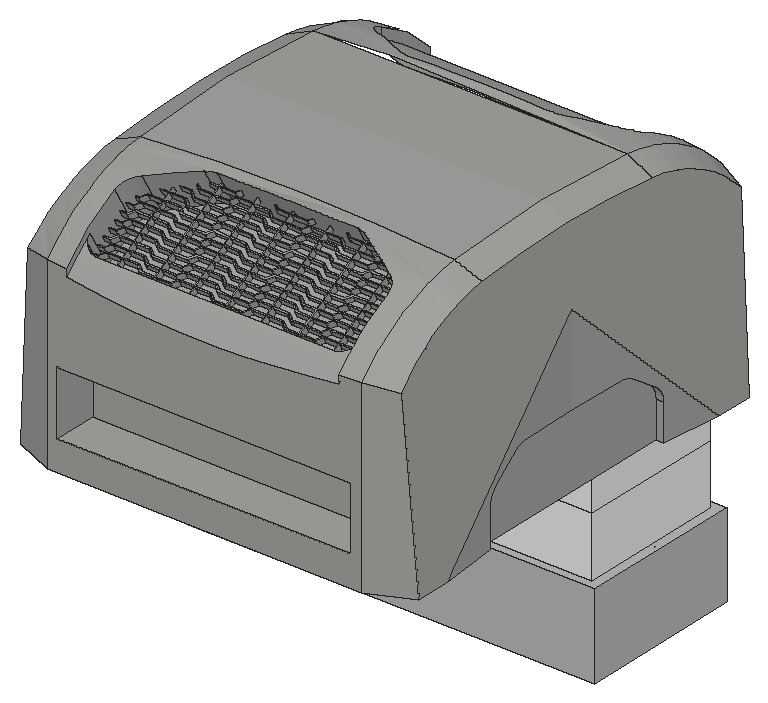
Revit family "OXeN X2-N-1.2-V nástěnná_RFA2018", category Mechanical Equipment, host Face, Revit 2018
Family settings
  Host = Face
  Round Connector Dimension = Use Diameter
  Part Type = Normal
  Cut with Voids When Loaded = No
  Shared = No
  Room Calculation Point = No
Parameters (values of type "X2-N-1.2-V")
  array_visibility [instance] = OxC quantity > 1  # yes
  visibility [instance] = not(array_visibility)  # no
  Weight of unit = 67.20 kg
  URL = "www.hydronic.cz"
  Type Comments = "nástěnná instalace; regulace vzduchového výkonu - spojitá 0-100%; filtr =EU4; IP42; horizontální izotermický dosah pro koncovou rychlost 0,2m/s =max.15m"
  Thickness of the wall [instance] = 370.00 mm
  Product data = ""
  Power supply = 230 V
  Power ratio = 1
  OxE Extension [instance] = no
  OxC quantity [instance] = roundup((Thickness of the wall + 10.00 mm) / 200.00 mm)  # 2
  Max. current consumption = 1.9 A
  Material = FLOWAIR-EPP-Gray
  Manufacturer = "Hydronic Systems Prague s.r.o."
  Load classification = Motor
  Keynote = ""
  Description = "Bezkanálová větrací jednotka s rekuperací"
  Model = "OXeN X2-N-1.2-V"
  array_quantity [instance] = if(OxC quantity < 2, 2, OxC quantity)  # 2
  IP = "42"
  length [instance] = Thickness of the wall + 10.00 mm  # 380.00 mm
  Default Elevation = 2000.00 mm
  Author = ""
  Assembly Code = "30018; nástěnná; bez dohřevu (Qmax=1200m3/h při 100% vzduchovém výkonu a dpext=0Pa)"
  Apparent power = Power supply * Max. current consumption  # 437 VA
  Air flow = 1200 m³/h
  Air exhaust right side [instance] = not(Air exhaust left side)  # no
  Air exhaust left side [instance] = yes
Reference planes
  plane 1 "Środek (Przód/Tył)": y = 0
  plane 2: z = 0
  plane 3 "Środek (Lewa/Prawa)": x = 0
  plane 4: z = -370
  plane 5: y = 1127.769
Forms (mm)
  Extrusion 1, void
    sketch origin (0, 0, 0) x (0, 1, 0) y (0, 0, 1)
      loop
        line (1348.769, 0) -> (906.769, 0) -> (906.769, -370) -> (1348.769, -370) -> (1348.769, 0)
    from 436 to -436
Dimensions and locks
  "Thickness of the wall": level to plane 4
  group 1 to group 2 = 0.00 mm  (x2)
  group 2 to group 1 = 180.00 mm
  aligned and locked: plane 2 to host face
  aligned and locked: level to host face
  aligned and locked: Extrusion 1 sketch curve to level
  aligned and locked: plane 4 to Extrusion 1 sketch curve
  aligned and locked: nested 3 to plane 4
  aligned and locked: nested 4 to plane 5
  aligned and locked: plane 3 "Środek (Lewa/Prawa)" to nested 4
  aligned and locked: plane 4 to nested 4
  aligned and locked: plane 3 "Środek (Lewa/Prawa)" to nested 6
  aligned and locked: nested 6 to plane 4
  aligned and locked: nested 6 to plane 5
Automatic sketch dimensions
  host sketch curve to host sketch curve = 2438.40 mm
  host sketch curve to host sketch curve = 1900.00 mm
  Extrusion 1 sketch curve to plane 1 "Środek (Przód/Tył)" = 906.769 mm
  Extrusion 1 sketch curve to Extrusion 1 sketch curve = 442.00 mm
Nested families
  nested 1: "OXeN" at (0, 0, 0), type "OXeN"
  nested 2: "FLOWAIR OxC" at (0, 1127.769, -190), visible <- "array_visibility", type "OxC"
    with Length 200.00 mm
  nested 3: "FLOWAIR OxC" at (0, 1127.769, -370), visible <- "array_visibility", type "OxC"
    with Length 200.00 mm
  nested 4: "FLOWAIR OxS" at (0, 1127.769, -370), visible <- "Air exhaust left side", OxE Extension <- "OxE Extension", type "OxS"
    with OxE Extension no, Extension 0.00 mm
  nested 5: "FLOWAIR OxS" at (0, 1127.769, -370) x (-1, 0, 0) z (0, 0, 1), visible <- "Air exhaust right side", OxE Extension <- "OxE Extension", type "OxS"
    with OxE Extension no, Extension 0.00 mm
  nested 6: "FLOWAIR OxC" at (0, 1127.769, -370), visible <- "visibility", type "OxC"
Connectors
  electrical at (0, 684.634, 0), driven by "Power supply", driven by "Apparent power", driven by "Power ratio", driven by "Load classification"
    settings: on nested 1, index 8, voltage 230 V, apparent load 437 VA, apparent load phase1 0 VA, apparent load phase2 0 VA, apparent load phase3 0 VA, power factor 1, load classification "Motor", number of poles 1, system type 30, power factor state 1, is connector primary yes, connector utility no, sub classification motor no, connector description ""
  electrical at (545, 684.634, 141.254)
    settings: on nested 1, index 9, voltage 0 V, apparent load 0 VA, apparent load phase1 0 VA, apparent load phase2 0 VA, apparent load phase3 0 VA, power factor 1, load classification "Inne", number of poles 1, system type 13, power factor state 1, is connector primary no, connector utility no, sub classification motor no, connector description ""
Definition of nested family "OXeN"
  Parameters
    materiał = none
  Reference planes
    plane 1 "Środek (Przód/Tył)": y = 0
    plane 2: z = 0
    plane 3 "Środek (Lewa/Prawa)": x = 0
    plane 4: y = 684.634
    plane 5: through (0, 340, 716.901) normal (0, -0.5, 0.866)
  Forms (mm)
    Sweep 1, solid, material <- "materiał", detail levels fine
      path origin (0, 0, 0) x (0, 1, 0) y (0, 0, 1)
        loop
          line (1369.269, 0) -> (1369.269, 562.087)
          arc (1369.269, 562.087) -> (1205.496, 690.06) -> (1006.547, 750.205) r 565.368
          arc (1006.547, 750.205) -> (684.634, 767.72) -> (362.722, 750.205) r 2966.958
          arc (362.722, 750.205) -> (163.772, 690.06) -> (0, 562.087) r 565.368
          line (0, 562.087) -> (0, 0)
      profile origin (0, 1369.269, 281.043) x (0, -1, 0) y (1, 0, 0)
        loop
          line (20, -465) -> (159.403, -465) -> (159.403, 465) -> (20, 465)
          arc (20, 465) -> (0, 0) -> (20, -465) r 5415.625
    Sweep 2, solid, material <- "materiał", detail levels fine
      path origin (0, 0, 0) x (0, 1, 0) y (0, 0, 1)
        loop
          line (1369.269, 0) -> (1369.269, 514.96)
          arc (1369.269, 514.96) -> (1207.249, 655.027) -> (1003.292, 720.382) r 535.368
          arc (1003.292, 720.382) -> (684.634, 737.72) -> (365.977, 720.382) r 2936.958
          arc (365.977, 720.382) -> (162.02, 655.027) -> (0, 514.96) r 535.368
          line (0, 514.96) -> (0, 0)
      profile origin (0, 1369.269, 257.48) x (0, -1, 0) y (1, 0, 0)
        loop
          line (20, -465) -> (159.403, -465) -> (159.403, 465) -> (20, 465)
          arc (20, 465) -> (0, 0) -> (20, -465) r 5415.625
    Extrusion 3, void
      sketch origin (0, 0, 0) x (1, 0, 0) y (0, 1, 0)
        loop
          arc (207.827, 1029.269) -> (224.356, 1031.476) -> (239.726, 1037.942) r 63
          line (239.726, 1037.942) -> (367.198, 1112.79)
          arc (367.198, 1112.79) -> (392.866, 1138.741) -> (402.248, 1174.016) r 71
          line (402.248, 1174.016) -> (402.248, 1377.626) -> (-402.248, 1377.626) -> (-402.248, 1174.016)
          arc (-402.248, 1174.016) -> (-392.866, 1138.741) -> (-367.198, 1112.79) r 71
          line (-367.198, 1112.79) -> (-239.726, 1037.942)
          arc (-239.726, 1037.942) -> (-224.356, 1031.476) -> (-207.827, 1029.269) r 63
          line (-207.827, 1029.269) -> (207.827, 1029.269)
      from 490.327 to 774.857
    Extrusion 4, solid, material <- "materiał", detail levels fine
      sketch origin (0, 0, 0) x (0, 1, 0) y (0, 0, 1)
        loop
          arc (1209.866, 455.203) -> (1106.984, 527.552) -> (985.997, 561.92) r 375.966
          arc (985.997, 561.92) -> (684.634, 578.317) -> (383.272, 561.92) r 2777.556
          arc (383.272, 561.92) -> (262.285, 527.552) -> (159.403, 455.203) r 375.966
          line (159.403, 455.203) -> (159.403, 0) -> (1209.866, 0) -> (1209.866, 455.203)
      from -465 to 465
    Blend 5, solid, material <- "materiał", detail levels fine
      base sketch origin (0, 0, 0) x (0, 1, 0) y (0, 0, 1)
        loop
          arc (1004.377, 730.323) -> (684.634, 747.72) -> (364.892, 730.323) r 2946.958
          arc (364.892, 730.323) -> (176.315, 674.021) -> (20, 554.451) r 545.368
          line (20, 554.451) -> (20, 0) -> (1349.269, 0) -> (1349.269, 554.451)
          arc (1349.269, 554.451) -> (1192.954, 674.021) -> (1004.377, 730.323) r 545.368
      top sketch origin (0, 0, 0) x (0, 1, 0) y (0, 0, 1)
        loop
          line (1294.269, 0) -> (1294.269, 532.58)
          arc (1294.269, 532.58) -> (1158.681, 629.636) -> (998.409, 675.647) r 490.368
          arc (998.409, 675.647) -> (684.634, 692.72) -> (370.86, 675.647) r 2891.958
          arc (370.86, 675.647) -> (210.588, 629.636) -> (75, 532.58) r 490.368
          line (75, 532.58) -> (75, 0) -> (1294.269, 0)
      from 465 to 589
    Blend 6, solid, material <- "materiał", detail levels fine
      base sketch origin (0, 0, 0) x (0, 1, 0) y (0, 0, -1)
        loop
          arc (1004.377, -730.323) -> (1192.954, -674.021) -> (1349.269, -554.451) r 545.368
          line (1349.269, -554.451) -> (1349.269, 0) -> (20, 0) -> (20, -554.451)
          arc (20, -554.451) -> (176.315, -674.021) -> (364.892, -730.323) r 545.368
          arc (364.892, -730.323) -> (684.634, -747.72) -> (1004.377, -730.323) r 2946.958
      top sketch origin (0, 0, 0) x (0, 1, 0) y (0, 0, -1)
        loop
          line (1294.269, 0) -> (75, 0) -> (75, -532.58)
          arc (75, -532.58) -> (210.588, -629.636) -> (370.86, -675.647) r 490.368
          arc (370.86, -675.647) -> (684.634, -692.72) -> (998.409, -675.647) r 2891.958
          arc (998.409, -675.647) -> (1158.681, -629.636) -> (1294.269, -532.58) r 490.368
          line (1294.269, -532.58) -> (1294.269, 0)
      from 465 to 589
    Blend 7, solid, material <- "materiał", detail levels medium
      base sketch origin (0, 0, 0) x (0, 1, 0) y (0, 0, -1)
        loop
          arc (1004.377, -730.323) -> (1192.954, -674.021) -> (1349.269, -554.451) r 545.368
          line (1349.269, -554.451) -> (1349.269, 0) -> (20, 0) -> (20, -554.451)
          arc (20, -554.451) -> (176.315, -674.021) -> (364.892, -730.323) r 545.368
          arc (364.892, -730.323) -> (684.634, -747.72) -> (1004.377, -730.323) r 2946.958
      top sketch origin (0, 0, 0) x (0, 1, 0) y (0, 0, -1)
        loop
          line (1294.269, 0) -> (75, 0) -> (75, -532.58)
          arc (75, -532.58) -> (210.588, -629.636) -> (370.86, -675.647) r 490.368
          arc (370.86, -675.647) -> (684.634, -692.72) -> (998.409, -675.647) r 2891.958
          arc (998.409, -675.647) -> (1158.681, -629.636) -> (1294.269, -532.58) r 490.368
          line (1294.269, -532.58) -> (1294.269, 0)
      from 465 to 589
    Blend 8, solid, material <- "materiał", detail levels medium
      base sketch origin (0, 0, 0) x (0, 1, 0) y (0, 0, 1)
        loop
          arc (1004.377, 730.323) -> (684.634, 747.72) -> (364.892, 730.323) r 2946.958
          arc (364.892, 730.323) -> (176.315, 674.021) -> (20, 554.451) r 545.368
          line (20, 554.451) -> (20, 0) -> (1349.269, 0) -> (1349.269, 554.451)
          arc (1349.269, 554.451) -> (1192.954, 674.021) -> (1004.377, 730.323) r 545.368
      top sketch origin (0, 0, 0) x (0, 1, 0) y (0, 0, 1)
        loop
          line (1294.269, 0) -> (1294.269, 532.58)
          arc (1294.269, 532.58) -> (1158.681, 629.636) -> (998.409, 675.647) r 490.368
          arc (998.409, 675.647) -> (684.634, 692.72) -> (370.86, 675.647) r 2891.958
          arc (370.86, 675.647) -> (210.588, 629.636) -> (75, 532.58) r 490.368
          line (75, 532.58) -> (75, 0) -> (1294.269, 0)
      from 465 to 589
    Extrusion 9, void
      sketch origin (0, 0, 0) x (1, 0, 0) y (0, 0, 1)
        loop
          line (-589, 0) -> (-536.635, 775) -> (-589, 775) -> (-589, 0)
      from 0 to -1374.955
    Extrusion 10, void
      sketch origin (0, 0, 0) x (-1, 0, 0) y (0, 0, -1)
        loop
          line (-589, 0) -> (-589, -775) -> (-536.635, -775) -> (-589, 0)
      from 0 to -1374.955
    Extrusion 11, void
      sketch origin (0, 0, 0) x (1, 0, 0) y (0, 1, 0)
        loop
          arc (-589, 183.209) -> (-556, 684.634) -> (-589, 1186.059) r 3826
          line (-589, 1186.059) -> (-589, 183.209)
      from 0 to 801.676
    Extrusion 12, void
      sketch origin (0, 0, 0) x (-1, 0, 0) y (0, -1, 0)
        loop
          line (-589, -183.209) -> (-589, -1186.059)
          arc (-589, -1186.059) -> (-556, -684.634) -> (-589, -183.209) r 3826
      from 0 to 801.676
    Extrusion 13, void
      sketch origin (0, 0, 0) x (0, 1, 0) y (0, 0, 1)
        loop
          line (362.983, 0) -> (1006.285, 0) -> (1006.285, 108.958)
          arc (1006.285, 108.958) -> (999.442, 136.785) -> (980.474, 158.264) r 60
          line (980.474, 158.264) -> (899.838, 214.177)
          arc (899.838, 214.177) -> (883.561, 222.135) -> (865.65, 224.871) r 60
          line (865.65, 224.871) -> (503.619, 224.871)
          arc (503.619, 224.871) -> (485.708, 222.135) -> (469.43, 214.177) r 60
          line (469.43, 214.177) -> (388.795, 158.264)
          arc (388.795, 158.264) -> (369.826, 136.785) -> (362.983, 108.958) r 60
          line (362.983, 108.958) -> (362.983, 0)
      from -589 to -545
    Extrusion 14, void
      sketch origin (0, 0, 0) x (0, 1, 0) y (0, 0, -1)
        loop
          line (362.983, 0) -> (362.983, -108.958)
          arc (362.983, -108.958) -> (369.826, -136.785) -> (388.795, -158.264) r 60
          line (388.795, -158.264) -> (469.43, -214.177)
          arc (469.43, -214.177) -> (485.708, -222.135) -> (503.619, -224.871) r 60
          line (503.619, -224.871) -> (865.65, -224.871)
          arc (865.65, -224.871) -> (883.561, -222.135) -> (899.838, -214.177) r 60
          line (899.838, -214.177) -> (980.474, -158.264)
          arc (980.474, -158.264) -> (999.442, -136.785) -> (1006.285, -108.958) r 60
          line (1006.285, -108.958) -> (1006.285, 0) -> (362.983, 0)
      from -589 to -545
    Sweep 15, solid, material <- "materiał", detail levels medium
      path origin (0, 0, 0) x (0, 1, 0) y (0, 0, 1)
        loop
          line (1369.269, 0) -> (1369.269, 562.087)
          arc (1369.269, 562.087) -> (1205.496, 690.06) -> (1006.547, 750.205) r 565.368
          arc (1006.547, 750.205) -> (684.634, 767.72) -> (362.722, 750.205) r 2966.958
          arc (362.722, 750.205) -> (163.772, 690.06) -> (0, 562.087) r 565.368
          line (0, 562.087) -> (0, 0)
      profile origin (0, 1369.269, 281.043) x (0, -1, 0) y (1, 0, 0)
        loop
          line (20, -465) -> (264.634, -465) -> (264.634, 465) -> (20, 465)
          arc (20, 465) -> (0, 0) -> (20, -465) r 5415.625
    Extrusion 16, solid, material <- "materiał", detail levels medium
      sketch origin (0, 0, 0) x (0, 1, 0) y (0, 0, 1)
        loop
          arc (1104.634, 443.17) -> (1043.718, 472.315) -> (977.834, 487.132) r 300.734
          arc (977.834, 487.132) -> (684.634, 503.085) -> (391.435, 487.132) r 2702.324
          arc (391.435, 487.132) -> (325.551, 472.315) -> (264.634, 443.17) r 300.734
          line (264.634, 443.17) -> (264.634, 0) -> (1104.634, 0) -> (1104.634, 443.17)
      from -465 to 465
    Extrusion 17, solid, material <- "materiał", detail levels coarse
      sketch origin (0, 0, 0) x (0, 1, 0) y (0, 0, 1)
        loop
          line (1369.269, 0) -> (1369.269, 562.087)
          arc (1369.269, 562.087) -> (1205.496, 690.06) -> (1006.547, 750.205) r 565.368
          arc (1006.547, 750.205) -> (684.634, 767.72) -> (362.722, 750.205) r 2966.958
          arc (362.722, 750.205) -> (163.772, 690.06) -> (0, 562.087) r 565.368
          line (0, 562.087) -> (0, 0) -> (1369.269, 0)
      from -589 to 589
    Extrusion 18, void
      sketch origin (0, 0, 0) x (0, 1, 0) y (0, 0, 1)
        loop
          line (-35, 92) -> (150, 92) -> (150, 282) -> (-35, 282) -> (-35, 92)
      from -435 to 435
    Extrusion 19, solid, not visible
      sketch origin (0, 0, 0) x (1, 0, 0) y (0, 1, 0)
        loop
          circle (480, 189) r 8
      from 278 to 376
    Extrusion 20, solid, not visible
      sketch origin (0, 0, 0) x (1, 0, 0) y (0, 1, 0)
        loop
          circle (495, 239) r 8
      from 253 to 376
    Extrusion 21, void
      sketch origin (0, 340, 716.901) x (0, 0.866025, 0.5) y (-1, 0, 0)
        loop
          arc (0, 207.827) -> (-2.207, 224.356) -> (-8.673, 239.726) r 63
          line (-8.673, 239.726) -> (-83.521, 367.198)
          arc (-83.521, 367.198) -> (-109.472, 392.866) -> (-144.747, 402.248) r 71
          line (-144.747, 402.248) -> (-261.299, 402.248)
          arc (-261.299, 402.248) -> (-276.188, 399.025) -> (-288.411, 389.933) r 36
          line (-288.411, 389.933) -> (-300.148, 376.497)
          arc (-300.148, 376.497) -> (-305.31, 368.081) -> (-307.168, 358.385) r 27.506
          line (-307.168, 358.385) -> (-307.168, -358.385)
          arc (-307.168, -358.385) -> (-305.31, -368.081) -> (-300.148, -376.497) r 27.506
          line (-300.148, -376.497) -> (-288.411, -389.933)
          arc (-288.411, -389.933) -> (-276.188, -399.025) -> (-261.299, -402.248) r 36
          line (-261.299, -402.248) -> (-144.747, -402.248)
          arc (-144.747, -402.248) -> (-109.472, -392.866) -> (-83.521, -367.198) r 71
          line (-83.521, -367.198) -> (-8.673, -239.726)
          arc (-8.673, -239.726) -> (-2.207, -224.356) -> (0, -207.827) r 63
          line (0, -207.827) -> (0, 207.827)
      from -100 to 100
    Extrusion 22, solid, material <- "materiał", detail levels fine
      sketch origin (0, 340, 716.901) x (0, 0.866025, 0.5) y (-1, 0, 0)
        loop
          line (-236.262, -383.565) -> (-236.262, -402.248) -> (-233.262, -402.248) -> (-233.262, -384.96) -> (-218.262, -369.97) -> (-218.262, -324.043) -> (-196.262, -324.043) -> (-196.262, -368.757) -> (-211.262, -383.565) -> (-211.262, -402.248) -> (-208.262, -402.248) -> (-208.262, -384.96) -> (-193.262, -369.97) -> (-193.262, -324.043) -> (-171.262, -324.043) -> (-171.262, -368.757) -> (-186.262, -383.565) -> (-186.262, -402.248) -> (-183.262, -402.248) -> (-183.262, -384.96) -> (-168.262, -369.97) -> (-168.262, -324.043) -> (-146.262, -324.043) -> (-146.262, -368.757) -> (-161.262, -383.565) -> (-161.262, -402.248) -> (-158.262, -402.248) -> (-158.262, -384.96) -> (-143.262, -369.97) -> (-143.262, -324.043) -> (-121.262, -324.043) -> (-121.262, -368.757) -> (-136.262, -383.565) -> (-136.262, -401.74)
          arc (-136.262, -401.74) -> (-134.76, -401.542) -> (-133.262, -401.313) r 71
          line (-133.262, -401.313) -> (-133.262, -384.96) -> (-118.262, -369.97) -> (-118.262, -324.043) -> (-96.262, -324.043) -> (-96.262, -368.757) -> (-111.262, -383.565) -> (-111.262, -393.856)
          arc (-111.262, -393.856) -> (-109.752, -393.025) -> (-108.262, -392.157) r 71
          line (-108.262, -392.157) -> (-108.262, -384.96) -> (-93.262, -369.97) -> (-93.262, -324.043) -> (-71.262, -324.043) -> (-71.262, -346.32) -> (-68.262, -341.211) -> (-68.262, -324.043) -> (-58.182, -324.043) -> (-57.007, -322.043) -> (-68.262, -322.043) -> (-68.262, -276.117) -> (-83.262, -261.127) -> (-83.262, -217.918) -> (-61.262, -217.918) -> (-61.262, -262.522) -> (-46.262, -277.33) -> (-46.262, -303.743) -> (-43.262, -298.634) -> (-43.262, -276.117) -> (-58.262, -261.127) -> (-58.262, -217.918) -> (-36.262, -217.918) -> (-36.262, -262.522) -> (-27.27, -271.398) -> (-25.685, -268.699) -> (-33.262, -261.127) -> (-33.262, -217.918) -> (-11.262, -217.918) -> (-11.262, -244.135) -> (-8.262, -239.026) -> (-8.262, -217.918) -> (-0.814, -217.918)
          arc (-0.814, -217.918) -> (-0.561, -216.209) -> (-0.354, -214.493) r 63
          line (-0.354, -214.493) -> (-8.262, -214.493) -> (-8.262, -171.284) -> (0, -163.028) -> (0, -158.771) -> (-11.262, -169.889) -> (-11.262, -214.493) -> (-33.262, -214.493) -> (-33.262, -171.284) -> (-18.262, -156.294) -> (-18.262, -110.368) -> (0, -110.368) -> (0, -108.368) -> (-18.262, -108.368) -> (-18.262, -62.441) -> (-33.262, -47.451) -> (-33.262, -1.625) -> (-11.262, -1.625) -> (-11.262, -48.846) -> (0, -59.964) -> (0, -55.708) -> (-8.262, -47.451) -> (-8.262, -1.625) -> (0, -1.625) -> (0, 1.625) -> (-8.262, 1.625) -> (-8.262, 42.216) -> (0, 50.473) -> (0, 54.729) -> (-11.262, 43.612) -> (-11.262, 1.625) -> (-33.262, 1.625) -> (-33.262, 42.216) -> (-18.262, 57.206) -> (-18.262, 103.133) -> (0, 103.133) -> (0, 105.133) -> (-18.262, 105.133) -> (-18.262, 151.06) -> (-33.262, 166.05) -> (-33.262, 209.258) -> (-11.262, 209.258) -> (-11.262, 164.654) -> (0, 153.537) -> (0, 157.793) -> (-8.262, 166.05) -> (-8.262, 209.258) -> (-0.017, 209.258)
          arc (-0.017, 209.258) -> (-0.075, 210.884) -> (-0.175, 212.509) r 63
          line (-0.175, 212.509) -> (-8.262, 212.509) -> (-8.262, 239.026) -> (-11.262, 244.135) -> (-11.262, 212.509) -> (-33.262, 212.509) -> (-33.262, 255.717) -> (-23.683, 265.29) -> (-25.26, 267.974) -> (-36.262, 257.112) -> (-36.262, 212.509) -> (-58.262, 212.509) -> (-58.262, 255.717) -> (-43.262, 270.707) -> (-43.262, 298.634) -> (-46.262, 303.743) -> (-46.262, 271.92) -> (-61.262, 257.112) -> (-61.262, 212.509) -> (-83.262, 212.509) -> (-83.262, 255.717) -> (-68.262, 270.707) -> (-68.262, 316.634) -> (-53.831, 316.634) -> (-55.005, 318.634) -> (-68.262, 318.634) -> (-68.262, 341.211) -> (-71.262, 346.32) -> (-71.262, 318.634) -> (-93.262, 318.634) -> (-93.262, 364.56) -> (-108.262, 379.55) -> (-108.262, 392.157)
          arc (-108.262, 392.157) -> (-109.752, 393.025) -> (-111.262, 393.856) r 71
          line (-111.262, 393.856) -> (-111.262, 378.155) -> (-96.262, 363.348) -> (-96.262, 318.634) -> (-118.262, 318.634) -> (-118.262, 364.56) -> (-133.262, 379.55) -> (-133.262, 401.313)
          arc (-133.262, 401.313) -> (-134.76, 401.542) -> (-136.262, 401.74) r 71
          line (-136.262, 401.74) -> (-136.262, 378.155) -> (-121.262, 363.348) -> (-121.262, 318.634) -> (-143.262, 318.634) -> (-143.262, 364.56) -> (-158.262, 379.55) -> (-158.262, 402.248) -> (-161.262, 402.248) -> (-161.262, 378.155) -> (-146.262, 363.348) -> (-146.262, 318.634) -> (-168.262, 318.634) -> (-168.262, 364.56) -> (-183.262, 379.55) -> (-183.262, 402.248) -> (-186.262, 402.248) -> (-186.262, 378.155) -> (-171.262, 363.348) -> (-171.262, 318.634) -> (-193.262, 318.634) -> (-193.262, 364.56) -> (-208.262, 379.55) -> (-208.262, 402.248) -> (-211.262, 402.248) -> (-211.262, 378.155) -> (-196.262, 363.348) -> (-196.262, 318.634) -> (-218.262, 318.634) -> (-218.262, 364.56) -> (-233.262, 379.55) -> (-233.262, 402.248) -> (-236.262, 402.248) -> (-236.262, 378.155) -> (-221.262, 363.348) -> (-221.262, 318.634) -> (-243.262, 318.634) -> (-243.262, 364.56) -> (-258.262, 379.55) -> (-258.262, 402.248) -> (-261.262, 402.248) -> (-261.262, 378.155) -> (-246.262, 363.348) -> (-246.262, 318.634) -> (-268.262, 318.634) -> (-268.262, 364.56) -> (-283.262, 379.55) -> (-283.262, 394.772)
          arc (-283.262, 394.772) -> (-284.798, 393.521) -> (-286.262, 392.187) r 36
          line (-286.262, 392.187) -> (-286.262, 378.155) -> (-271.262, 363.348) -> (-271.262, 318.634) -> (-293.262, 318.634) -> (-293.262, 364.56) -> (-302.371, 373.663)
          arc (-302.371, 373.663) -> (-303.219, 372.343) -> (-303.99, 370.977) r 27.506
          line (-303.99, 370.977) -> (-296.262, 363.348) -> (-296.262, 318.634) -> (-307.168, 318.634) -> (-307.168, 316.634) -> (-296.262, 316.634) -> (-296.262, 271.92) -> (-307.168, 261.154) -> (-307.168, 256.811) -> (-293.262, 270.707) -> (-293.262, 316.634) -> (-271.262, 316.634) -> (-271.262, 271.92) -> (-286.262, 257.112) -> (-286.262, 212.509) -> (-307.168, 212.509) -> (-307.168, 209.258) -> (-286.262, 209.258) -> (-286.262, 164.654) -> (-271.262, 149.847) -> (-271.262, 105.133) -> (-293.262, 105.133) -> (-293.262, 151.06) -> (-307.168, 164.956) -> (-307.168, 160.613) -> (-296.262, 149.847) -> (-296.262, 105.133) -> (-307.168, 105.133) -> (-307.168, 103.133) -> (-296.262, 103.133) -> (-296.262, 58.419) -> (-307.168, 47.653) -> (-307.168, 43.31) -> (-293.262, 57.206) -> (-293.262, 103.133) -> (-271.262, 103.133) -> (-271.262, 58.419) -> (-286.262, 43.612) -> (-286.262, 1.625) -> (-307.168, 1.625) -> (-307.168, -1.625) -> (-286.262, -1.625) -> (-286.262, -48.846) -> (-271.262, -63.654) -> (-271.262, -108.368) -> (-293.262, -108.368) -> (-293.262, -62.441) -> (-307.168, -48.545) -> (-307.168, -52.888) -> (-296.262, -63.654) -> (-296.262, -108.368) -> (-307.168, -108.368) -> (-307.168, -110.368) -> (-296.262, -110.368) -> (-296.262, -155.082) -> (-307.168, -165.847) -> (-307.168, -170.191) -> (-293.262, -156.294) -> (-293.262, -110.368) -> (-271.262, -110.368) -> (-271.262, -155.082) -> (-286.262, -169.889) -> (-286.262, -214.493) -> (-307.168, -214.493) -> (-307.168, -217.918) -> (-286.262, -217.918) -> (-286.262, -262.522) -> (-271.262, -277.33) -> (-271.262, -322.043) -> (-293.262, -322.043) -> (-293.262, -276.117) -> (-307.168, -262.22) -> (-307.168, -266.564) -> (-296.262, -277.33) -> (-296.262, -322.043) -> (-307.168, -322.043) -> (-307.168, -324.043) -> (-296.262, -324.043) -> (-296.262, -368.757) -> (-301.903, -374.326)
          arc (-301.903, -374.326) -> (-300.974, -375.531) -> (-299.98, -376.683) r 27.506
          line (-299.98, -376.683) -> (-293.262, -369.97) -> (-293.262, -324.043) -> (-271.262, -324.043) -> (-271.262, -368.757) -> (-286.262, -383.565) -> (-286.262, -392.187)
          arc (-286.262, -392.187) -> (-284.798, -393.521) -> (-283.262, -394.772) r 36
          line (-283.262, -394.772) -> (-283.262, -384.96) -> (-268.262, -369.97) -> (-268.262, -324.043) -> (-246.262, -324.043) -> (-246.262, -368.757) -> (-261.262, -383.565) -> (-261.262, -402.248) -> (-258.262, -402.248) -> (-258.262, -384.96) -> (-243.262, -369.97) -> (-243.262, -324.043) -> (-221.262, -324.043) -> (-221.262, -368.757) -> (-236.262, -383.565)
        loop
          line (-221.262, -322.043) -> (-221.262, -277.33) -> (-236.262, -262.522) -> (-236.262, -217.918) -> (-258.262, -217.918) -> (-258.262, -261.127) -> (-243.262, -276.117) -> (-243.262, -322.043) -> (-221.262, -322.043)
        loop
          line (-233.262, -217.918) -> (-233.262, -261.127) -> (-218.262, -276.117) -> (-218.262, -322.043) -> (-196.262, -322.043) -> (-196.262, -277.33) -> (-211.262, -262.522) -> (-211.262, -217.918) -> (-233.262, -217.918)
        loop
          line (-236.262, -169.889) -> (-221.262, -155.082) -> (-221.262, -110.368) -> (-243.262, -110.368) -> (-243.262, -156.294) -> (-258.262, -171.284) -> (-258.262, -214.493) -> (-236.262, -214.493) -> (-236.262, -169.889)
        loop
          line (-218.262, -110.368) -> (-218.262, -156.294) -> (-233.262, -171.284) -> (-233.262, -214.493) -> (-211.262, -214.493) -> (-211.262, -169.889) -> (-196.262, -155.082) -> (-196.262, -110.368) -> (-218.262, -110.368)
        loop
          line (-221.262, -108.368) -> (-221.262, -63.654) -> (-236.262, -48.846) -> (-236.262, -1.625) -> (-258.262, -1.625) -> (-258.262, -47.451) -> (-243.262, -62.441) -> (-243.262, -108.368) -> (-221.262, -108.368)
        loop
          line (-233.262, -1.625) -> (-233.262, -47.451) -> (-218.262, -62.441) -> (-218.262, -108.368) -> (-196.262, -108.368) -> (-196.262, -63.654) -> (-211.262, -48.846) -> (-211.262, -1.625) -> (-233.262, -1.625)
        loop
          line (-236.262, 43.612) -> (-221.262, 58.419) -> (-221.262, 103.133) -> (-243.262, 103.133) -> (-243.262, 57.206) -> (-258.262, 42.216) -> (-258.262, 1.625) -> (-236.262, 1.625) -> (-236.262, 43.612)
        loop
          line (-218.262, 103.133) -> (-218.262, 57.206) -> (-233.262, 42.216) -> (-233.262, 1.625) -> (-211.262, 1.625) -> (-211.262, 43.612) -> (-196.262, 58.419) -> (-196.262, 103.133) -> (-218.262, 103.133)
        loop
          line (-221.262, 105.133) -> (-221.262, 149.847) -> (-236.262, 164.654) -> (-236.262, 209.258) -> (-258.262, 209.258) -> (-258.262, 166.05) -> (-243.262, 151.06) -> (-243.262, 105.133) -> (-221.262, 105.133)
        loop
          line (-233.262, 209.258) -> (-233.262, 166.05) -> (-218.262, 151.06) -> (-218.262, 105.133) -> (-196.262, 105.133) -> (-196.262, 149.847) -> (-211.262, 164.654) -> (-211.262, 209.258) -> (-233.262, 209.258)
        loop
          line (-236.262, 257.112) -> (-221.262, 271.92) -> (-221.262, 316.634) -> (-243.262, 316.634) -> (-243.262, 270.707) -> (-258.262, 255.717) -> (-258.262, 212.509) -> (-236.262, 212.509) -> (-236.262, 257.112)
        loop
          line (-218.262, 316.634) -> (-218.262, 270.707) -> (-233.262, 255.717) -> (-233.262, 212.509) -> (-211.262, 212.509) -> (-211.262, 257.112) -> (-196.262, 271.92) -> (-196.262, 316.634) -> (-218.262, 316.634)
        loop
          line (-246.262, -322.043) -> (-246.262, -277.33) -> (-261.262, -262.522) -> (-261.262, -217.918) -> (-283.262, -217.918) -> (-283.262, -261.127) -> (-268.262, -276.117) -> (-268.262, -322.043) -> (-246.262, -322.043)
        loop
          line (-261.262, -169.889) -> (-246.262, -155.082) -> (-246.262, -110.368) -> (-268.262, -110.368) -> (-268.262, -156.294) -> (-283.262, -171.284) -> (-283.262, -214.493) -> (-261.262, -214.493) -> (-261.262, -169.889)
        loop
          line (-246.262, -108.368) -> (-246.262, -63.654) -> (-261.262, -48.846) -> (-261.262, -1.625) -> (-283.262, -1.625) -> (-283.262, -47.451) -> (-268.262, -62.441) -> (-268.262, -108.368) -> (-246.262, -108.368)
        loop
          line (-261.262, 43.612) -> (-246.262, 58.419) -> (-246.262, 103.133) -> (-268.262, 103.133) -> (-268.262, 57.206) -> (-283.262, 42.216) -> (-283.262, 1.625) -> (-261.262, 1.625) -> (-261.262, 43.612)
        loop
          line (-246.262, 105.133) -> (-246.262, 149.847) -> (-261.262, 164.654) -> (-261.262, 209.258) -> (-283.262, 209.258) -> (-283.262, 166.05) -> (-268.262, 151.06) -> (-268.262, 105.133) -> (-246.262, 105.133)
        loop
          line (-261.262, 257.112) -> (-246.262, 271.92) -> (-246.262, 316.634) -> (-268.262, 316.634) -> (-268.262, 270.707) -> (-283.262, 255.717) -> (-283.262, 212.509) -> (-261.262, 212.509) -> (-261.262, 257.112)
        loop
          line (-208.262, -217.918) -> (-208.262, -261.127) -> (-193.262, -276.117) -> (-193.262, -322.043) -> (-171.262, -322.043) -> (-171.262, -277.33) -> (-186.262, -262.522) -> (-186.262, -217.918) -> (-208.262, -217.918)
        loop
          line (-193.262, -110.368) -> (-193.262, -156.294) -> (-208.262, -171.284) -> (-208.262, -214.493) -> (-186.262, -214.493) -> (-186.262, -169.889) -> (-171.262, -155.082) -> (-171.262, -110.368) -> (-193.262, -110.368)
        loop
          line (-208.262, -1.625) -> (-208.262, -47.451) -> (-193.262, -62.441) -> (-193.262, -108.368) -> (-171.262, -108.368) -> (-171.262, -63.654) -> (-186.262, -48.846) -> (-186.262, -1.625) -> (-208.262, -1.625)
        loop
          line (-193.262, 103.133) -> (-193.262, 57.206) -> (-208.262, 42.216) -> (-208.262, 1.625) -> (-186.262, 1.625) -> (-186.262, 43.612) -> (-171.262, 58.419) -> (-171.262, 103.133) -> (-193.262, 103.133)
        loop
          line (-208.262, 209.258) -> (-208.262, 166.05) -> (-193.262, 151.06) -> (-193.262, 105.133) -> (-171.262, 105.133) -> (-171.262, 149.847) -> (-186.262, 164.654) -> (-186.262, 209.258) -> (-208.262, 209.258)
        loop
          line (-193.262, 316.634) -> (-193.262, 270.707) -> (-208.262, 255.717) -> (-208.262, 212.509) -> (-186.262, 212.509) -> (-186.262, 257.112) -> (-171.262, 271.92) -> (-171.262, 316.634) -> (-193.262, 316.634)
        loop
          line (-183.262, -217.918) -> (-183.262, -261.127) -> (-168.262, -276.117) -> (-168.262, -322.043) -> (-146.262, -322.043) -> (-146.262, -277.33) -> (-161.262, -262.522) -> (-161.262, -217.918) -> (-183.262, -217.918)
        loop
          line (-168.262, -110.368) -> (-168.262, -156.294) -> (-183.262, -171.284) -> (-183.262, -214.493) -> (-161.262, -214.493) -> (-161.262, -169.889) -> (-146.262, -155.082) -> (-146.262, -110.368) -> (-168.262, -110.368)
        loop
          line (-183.262, -1.625) -> (-183.262, -47.451) -> (-168.262, -62.441) -> (-168.262, -108.368) -> (-146.262, -108.368) -> (-146.262, -63.654) -> (-161.262, -48.846) -> (-161.262, -1.625) -> (-183.262, -1.625)
        loop
          line (-168.262, 103.133) -> (-168.262, 57.206) -> (-183.262, 42.216) -> (-183.262, 1.625) -> (-161.262, 1.625) -> (-161.262, 43.612) -> (-146.262, 58.419) -> (-146.262, 103.133) -> (-168.262, 103.133)
        loop
          line (-183.262, 209.258) -> (-183.262, 166.05) -> (-168.262, 151.06) -> (-168.262, 105.133) -> (-146.262, 105.133) -> (-146.262, 149.847) -> (-161.262, 164.654) -> (-161.262, 209.258) -> (-183.262, 209.258)
        loop
          line (-168.262, 316.634) -> (-168.262, 270.707) -> (-183.262, 255.717) -> (-183.262, 212.509) -> (-161.262, 212.509) -> (-161.262, 257.112) -> (-146.262, 271.92) -> (-146.262, 316.634) -> (-168.262, 316.634)
        loop
          line (-158.262, -217.918) -> (-158.262, -261.127) -> (-143.262, -276.117) -> (-143.262, -322.043) -> (-121.262, -322.043) -> (-121.262, -277.33) -> (-136.262, -262.522) -> (-136.262, -217.918) -> (-158.262, -217.918)
        loop
          line (-143.262, -110.368) -> (-143.262, -156.294) -> (-158.262, -171.284) -> (-158.262, -214.493) -> (-136.262, -214.493) -> (-136.262, -169.889) -> (-121.262, -155.082) -> (-121.262, -110.368) -> (-143.262, -110.368)
        loop
          line (-158.262, -1.625) -> (-158.262, -47.451) -> (-143.262, -62.441) -> (-143.262, -108.368) -> (-121.262, -108.368) -> (-121.262, -63.654) -> (-136.262, -48.846) -> (-136.262, -1.625) -> (-158.262, -1.625)
        loop
          line (-143.262, 103.133) -> (-143.262, 57.206) -> (-158.262, 42.216) -> (-158.262, 1.625) -> (-136.262, 1.625) -> (-136.262, 43.612) -> (-121.262, 58.419) -> (-121.262, 103.133) -> (-143.262, 103.133)
        loop
          line (-158.262, 209.258) -> (-158.262, 166.05) -> (-143.262, 151.06) -> (-143.262, 105.133) -> (-121.262, 105.133) -> (-121.262, 149.847) -> (-136.262, 164.654) -> (-136.262, 209.258) -> (-158.262, 209.258)
        loop
          line (-143.262, 316.634) -> (-143.262, 270.707) -> (-158.262, 255.717) -> (-158.262, 212.509) -> (-136.262, 212.509) -> (-136.262, 257.112) -> (-121.262, 271.92) -> (-121.262, 316.634) -> (-143.262, 316.634)
        loop
          line (-133.262, -217.918) -> (-133.262, -261.127) -> (-118.262, -276.117) -> (-118.262, -322.043) -> (-96.262, -322.043) -> (-96.262, -277.33) -> (-111.262, -262.522) -> (-111.262, -217.918) -> (-133.262, -217.918)
        loop
          line (-118.262, -110.368) -> (-118.262, -156.294) -> (-133.262, -171.284) -> (-133.262, -214.493) -> (-111.262, -214.493) -> (-111.262, -169.889) -> (-96.262, -155.082) -> (-96.262, -110.368) -> (-118.262, -110.368)
        loop
          line (-133.262, -1.625) -> (-133.262, -47.451) -> (-118.262, -62.441) -> (-118.262, -108.368) -> (-96.262, -108.368) -> (-96.262, -63.654) -> (-111.262, -48.846) -> (-111.262, -1.625) -> (-133.262, -1.625)
        loop
          line (-118.262, 103.133) -> (-118.262, 57.206) -> (-133.262, 42.216) -> (-133.262, 1.625) -> (-111.262, 1.625) -> (-111.262, 43.612) -> (-96.262, 58.419) -> (-96.262, 103.133) -> (-118.262, 103.133)
        loop
          line (-133.262, 209.258) -> (-133.262, 166.05) -> (-118.262, 151.06) -> (-118.262, 105.133) -> (-96.262, 105.133) -> (-96.262, 149.847) -> (-111.262, 164.654) -> (-111.262, 209.258) -> (-133.262, 209.258)
        loop
          line (-118.262, 316.634) -> (-118.262, 270.707) -> (-133.262, 255.717) -> (-133.262, 212.509) -> (-111.262, 212.509) -> (-111.262, 257.112) -> (-96.262, 271.92) -> (-96.262, 316.634) -> (-118.262, 316.634)
        loop
          line (-108.262, -217.918) -> (-108.262, -261.127) -> (-93.262, -276.117) -> (-93.262, -322.043) -> (-71.262, -322.043) -> (-71.262, -277.33) -> (-86.262, -262.522) -> (-86.262, -217.918) -> (-108.262, -217.918)
        loop
          line (-93.262, -110.368) -> (-93.262, -156.294) -> (-108.262, -171.284) -> (-108.262, -214.493) -> (-86.262, -214.493) -> (-86.262, -169.889) -> (-71.262, -155.082) -> (-71.262, -110.368) -> (-93.262, -110.368)
        loop
          line (-108.262, -1.625) -> (-108.262, -47.451) -> (-93.262, -62.441) -> (-93.262, -108.368) -> (-71.262, -108.368) -> (-71.262, -63.654) -> (-86.262, -48.846) -> (-86.262, -1.625) -> (-108.262, -1.625)
        loop
          line (-93.262, 103.133) -> (-93.262, 57.206) -> (-108.262, 42.216) -> (-108.262, 1.625) -> (-86.262, 1.625) -> (-86.262, 43.612) -> (-71.262, 58.419) -> (-71.262, 103.133) -> (-93.262, 103.133)
        loop
          line (-108.262, 209.258) -> (-108.262, 166.05) -> (-93.262, 151.06) -> (-93.262, 105.133) -> (-71.262, 105.133) -> (-71.262, 149.847) -> (-86.262, 164.654) -> (-86.262, 209.258) -> (-108.262, 209.258)
        loop
          line (-93.262, 316.634) -> (-93.262, 270.707) -> (-108.262, 255.717) -> (-108.262, 212.509) -> (-86.262, 212.509) -> (-86.262, 257.112) -> (-71.262, 271.92) -> (-71.262, 316.634) -> (-93.262, 316.634)
        loop
          line (-68.262, -110.368) -> (-68.262, -156.294) -> (-83.262, -171.284) -> (-83.262, -214.493) -> (-61.262, -214.493) -> (-61.262, -169.889) -> (-46.262, -155.082) -> (-46.262, -110.368) -> (-68.262, -110.368)
        loop
          line (-83.262, -1.625) -> (-83.262, -47.451) -> (-68.262, -62.441) -> (-68.262, -108.368) -> (-46.262, -108.368) -> (-46.262, -63.654) -> (-61.262, -48.846) -> (-61.262, -1.625) -> (-83.262, -1.625)
        loop
          line (-68.262, 103.133) -> (-68.262, 57.206) -> (-83.262, 42.216) -> (-83.262, 1.625) -> (-61.262, 1.625) -> (-61.262, 43.612) -> (-46.262, 58.419) -> (-46.262, 103.133) -> (-68.262, 103.133)
        loop
          line (-83.262, 209.258) -> (-83.262, 166.05) -> (-68.262, 151.06) -> (-68.262, 105.133) -> (-46.262, 105.133) -> (-46.262, 149.847) -> (-61.262, 164.654) -> (-61.262, 209.258) -> (-83.262, 209.258)
        loop
          line (-43.262, -110.368) -> (-43.262, -156.294) -> (-58.262, -171.284) -> (-58.262, -214.493) -> (-36.262, -214.493) -> (-36.262, -169.889) -> (-21.262, -155.082) -> (-21.262, -110.368) -> (-43.262, -110.368)
        loop
          line (-58.262, -1.625) -> (-58.262, -47.451) -> (-43.262, -62.441) -> (-43.262, -108.368) -> (-21.262, -108.368) -> (-21.262, -63.654) -> (-36.262, -48.846) -> (-36.262, -1.625) -> (-58.262, -1.625)
        loop
          line (-43.262, 103.133) -> (-43.262, 57.206) -> (-58.262, 42.216) -> (-58.262, 1.625) -> (-36.262, 1.625) -> (-36.262, 43.612) -> (-21.262, 58.419) -> (-21.262, 103.133) -> (-43.262, 103.133)
        loop
          line (-58.262, 209.258) -> (-58.262, 166.05) -> (-43.262, 151.06) -> (-43.262, 105.133) -> (-21.262, 105.133) -> (-21.262, 149.847) -> (-36.262, 164.654) -> (-36.262, 209.258) -> (-58.262, 209.258)
      from -35 to -15
    Extrusion 23, void
      sketch origin (0, 0, 0) x (0, 1, 0) y (0, 0, 1)
        loop
          line (153.272, 650.008) -> (153.272, 795.382) -> (0, 795.382) -> (0, 514.96)
          arc (0, 514.96) -> (70.135, 589.862) -> (153.272, 650.008) r 535.368
      from -402.248 to 402.248
  Cuts and joins
    Extrusion 10, Extrusion 12, Extrusion 14 cuts Blend 7
    Extrusion 3, Extrusion 18, Extrusion 21, Extrusion 23 cuts Sweep 1
    Extrusion 18, Extrusion 21 cuts Sweep 2
    Extrusion 18, Extrusion 21 cuts Extrusion 4
    Extrusion 10, Extrusion 12, Extrusion 14, Extrusion 18, Extrusion 21 cuts Blend 5
    Extrusion 9, Extrusion 10, Extrusion 11, Extrusion 12, Extrusion 13, Extrusion 14, Extrusion 18, Extrusion 21 cuts Blend 6
    joined: Sweep 1, Sweep 2, Extrusion 4, Blend 5, Blend 6
    joined: Sweep 15, Extrusion 16
  Dimensions and locks
    aligned and locked: level to plane 2
Definition of nested family "FLOWAIR OxC"
  Parameters (values of type "OxC")
    Weight = 0.70 kg
    URL = "www.flowair.com"
    Manufacturer = "FLOWAIR"
    Length [instance] = 200.00 mm
    Description = "Wall crossing, element connecting unit with OxS air inlet/outlet"
    Model = "OxC"
    Materiał = none
    Author = "www.archispace.com"
  Reference planes
    plane 1 "Środek (Przód/Tył)": y = 0
    plane 2: z = 0
    plane 3 "Środek (Lewa/Prawa)": x = 0
  Forms (mm)
    Extrusion 1, solid, material <- "Materiał", detail levels fine
      sketch origin (0, 0, 0) x (1, 0, 0) y (0, 1, 0)
        loop
          line (-433, 218) -> (-433, -218) -> (433, -218) -> (433, 218) -> (-433, 218)
        loop
          line (398, 183) -> (-398, 183) -> (-398, 11) -> (398, 11) -> (398, 183)
        loop
          line (-398, -11) -> (-398, -183) -> (398, -183) -> (398, -11) -> (-398, -11)
      from 0 to 200 <- "Length"
    Extrusion 2, solid, material <- "Materiał", detail levels coarse+medium
      sketch origin (0, 0, 0) x (1, 0, 0) y (0, 1, 0)
        loop
          line (-433, -218) -> (433, -218) -> (433, 218) -> (-433, 218) -> (-433, -218)
      from 0 to 200 <- "Length"
  Dimensions and locks
    aligned and locked: level to plane 2
Definition of nested family "FLOWAIR OxS"
  Parameters (values of type "OxS")
    Weight = 18.40 kg
    URL = "www.flowair.com"
    OxE Extension [instance] = yes
    Extension [instance] = if(OxE Extension, 1200.00 mm, 0.00 mm)  # 1200.00 mm
    Material = none
    Manufacturer = "FLOWAIR"
    Description = "Wall-mounted air inlet/outlet"
    Model = "OxS"
    Author = "www.archispace.com"
  Reference planes
    plane 1 "Środek (Przód/Tył)": y = 0
    plane 2: z = 0
    plane 3 "Środek (Lewa/Prawa)": x = 0
    plane 4: x = -463.5
    plane 5: x = -1663.5
    plane 6: x = -1936.5
  Forms (mm)
    Extrusion 1, solid, material <- "Material", detail levels fine
      sketch origin (0, 0, 0) x (1, 0, 0) y (0, 1, 0)
        loop
          line (-463.5, -245) -> (463.5, -245) -> (463.5, 245) -> (-463.5, 245) -> (-463.5, -245)
      from 0 to -250
    Extrusion 2, solid, material <- "Material", detail levels fine
      sketch origin (-1663.5, 245, 1200) x (0, 1, 0) y (0, 0, 1)
        loop
          line (0, -1450) -> (0, -1200) -> (-490, -1200) -> (-490, -1450) -> (0, -1450)
        loop
          line (-2, -1448) -> (-2, -1202) -> (-488, -1202) -> (-488, -1448) -> (-2, -1448)
      from 0 to -273
    Extrusion 3, void
      sketch origin (0, 0, 0) x (1, 0, 0) y (0, 1, 0)
        loop
          line (461.5, 243) -> (-461.5, 243) -> (-461.5, 2) -> (461.5, 2) -> (461.5, 243)
      from -2 to -250
    Extrusion 4, void
      sketch origin (-463.5, 245, 1200) x (0, 1, 0) y (0, 0, 1)
        loop
          line (-488, -1202) -> (-488, -1448) -> (-247, -1448) -> (-247, -1202) -> (-488, -1202)
      from 0 to 925
    Extrusion 5, void
      sketch origin (0, 0, 0) x (1, 0, 0) y (0, 1, 0)
        loop
          line (-433, 218) -> (-433, 11) -> (433, 11) -> (433, 218) -> (-433, 218)
        loop
          line (433, -11) -> (-433, -11) -> (-433, -218) -> (433, -218) -> (433, -11)
      from 0 to -2
    Extrusion 6, solid, material <- "Material", detail levels fine
      sketch origin (-463.5, 245, 1200) x (0, 1, 0) y (0, 0, 1)
        loop
          line (-173.77, -1430.15) -> (-191.969, -1448.349) -> (-198.969, -1448.349) -> (-198.969, -1449.149) -> (-191.638, -1449.149) -> (-172.97, -1430.481) -> (-172.97, -1409.15) -> (-173.77, -1409.15) -> (-173.77, -1430.15)
        loop
          line (-121.38, -1430.15) -> (-139.579, -1448.349) -> (-146.579, -1448.349) -> (-146.579, -1449.149) -> (-139.248, -1449.149) -> (-120.58, -1430.481) -> (-120.58, -1409.15) -> (-121.38, -1409.15) -> (-121.38, -1430.15)
        loop
          line (-68.99, -1430.15) -> (-87.189, -1448.349) -> (-94.189, -1448.349) -> (-94.189, -1449.149) -> (-86.858, -1449.149) -> (-68.19, -1430.481) -> (-68.19, -1409.15) -> (-68.99, -1409.15) -> (-68.99, -1430.15)
        loop
          line (-16.6, -1430.15) -> (-34.799, -1448.349) -> (-41.799, -1448.349) -> (-41.799, -1449.149) -> (-34.468, -1449.149) -> (-15.8, -1430.481) -> (-15.8, -1409.15) -> (-16.6, -1409.15) -> (-16.6, -1430.15)
        loop
          line (-222.61, -1409.91) -> (-233.41, -1409.91) -> (-233.41, -1410.719) -> (-223.405, -1410.719) -> (-223.405, -1430.405) -> (-243, -1450) -> (-250, -1450) -> (-250, -1450.8) -> (-242.669, -1450.8) -> (-222.61, -1430.741) -> (-222.61, -1409.91)
      from 2 to 925
    Extrusion 7, solid, material <- "Material", detail levels fine
      sketch origin (0, 0, 0) x (1, 0, 0) y (0, 1, 0)
        loop
          line (-1935.7, -190.499) -> (-1917.501, -172.3) -> (-1896.301, -172.3) -> (-1871.552, -147.551) -> (-1872.118, -146.986) -> (-1896.632, -171.5) -> (-1917.832, -171.5) -> (-1936.5, -190.168) -> (-1936.5, -197.499) -> (-1935.7, -197.499) -> (-1935.7, -190.499)
        loop
          line (-1935.7, -140.499) -> (-1917.501, -122.3) -> (-1896.301, -122.3) -> (-1871.552, -97.551) -> (-1872.118, -96.986) -> (-1896.632, -121.5) -> (-1917.832, -121.5) -> (-1936.5, -140.168) -> (-1936.5, -147.499) -> (-1935.7, -147.499) -> (-1935.7, -140.499)
        loop
          line (-1935.7, 209.301) -> (-1917.501, 227.5) -> (-1896.501, 227.5) -> (-1896.501, 228.3) -> (-1917.832, 228.3) -> (-1936.5, 209.632) -> (-1936.5, 202.301) -> (-1935.7, 202.301) -> (-1935.7, 209.301)
        loop
          line (-1935.7, -90.499) -> (-1917.501, -72.3) -> (-1896.301, -72.3) -> (-1871.552, -47.551) -> (-1872.118, -46.986) -> (-1896.632, -71.5) -> (-1917.832, -71.5) -> (-1936.5, -90.168) -> (-1936.5, -97.499) -> (-1935.7, -97.499) -> (-1935.7, -90.499)
        loop
          line (-1935.7, -40.499) -> (-1917.501, -22.3) -> (-1896.301, -22.3) -> (-1871.552, 2.449) -> (-1872.118, 3.014) -> (-1896.632, -21.5) -> (-1917.832, -21.5) -> (-1936.5, -40.168) -> (-1936.5, -47.499) -> (-1935.7, -47.499) -> (-1935.7, -40.499)
        loop
          line (-1935.7, 9.501) -> (-1917.501, 27.7) -> (-1896.301, 27.7) -> (-1871.552, 52.449) -> (-1872.118, 53.014) -> (-1896.632, 28.5) -> (-1917.832, 28.5) -> (-1936.5, 9.832) -> (-1936.5, 2.501) -> (-1935.7, 2.501) -> (-1935.7, 9.501)
        loop
          line (-1935.7, 59.501) -> (-1917.501, 77.7) -> (-1896.301, 77.7) -> (-1871.552, 102.449) -> (-1872.118, 103.014) -> (-1896.632, 78.5) -> (-1917.832, 78.5) -> (-1936.5, 59.832) -> (-1936.5, 52.501) -> (-1935.7, 52.501) -> (-1935.7, 59.501)
        loop
          line (-1935.7, 109.501) -> (-1917.501, 127.7) -> (-1896.301, 127.7) -> (-1871.552, 152.449) -> (-1872.118, 153.014) -> (-1896.632, 128.5) -> (-1917.832, 128.5) -> (-1936.5, 109.832) -> (-1936.5, 102.501) -> (-1935.7, 102.501) -> (-1935.7, 109.501)
        loop
          line (-1935.7, 159.501) -> (-1917.501, 177.7) -> (-1896.301, 177.7) -> (-1871.552, 202.449) -> (-1872.118, 203.014) -> (-1896.632, 178.5) -> (-1917.832, 178.5) -> (-1936.5, 159.832) -> (-1936.5, 152.501) -> (-1935.7, 152.501) -> (-1935.7, 159.501)
        loop
          line (-1935.7, -240.499) -> (-1917.501, -222.3) -> (-1896.301, -222.3) -> (-1871.552, -197.551) -> (-1872.118, -196.986) -> (-1896.632, -221.5) -> (-1917.832, -221.5) -> (-1936.5, -240.168) -> (-1936.5, -243) -> (-1935.7, -243) -> (-1935.7, -240.499)
      from -2 to -248
    Extrusion 8, solid, material <- "Material", detail levels coarse+medium
      sketch origin (0, 0, 0) x (1, 0, 0) y (0, 1, 0)
        loop
          line (-1663.5, 245) -> (-1936.5, 245) -> (-1936.5, -245) -> (-1663.5, -245) -> (-1663.5, 245)
      from 0 to -250
    Extrusion 9, solid, material <- "Material", detail levels coarse+medium
      sketch origin (0, 0, 0) x (1, 0, 0) y (0, 1, 0)
        loop
          line (-463.5, 245) -> (-463.5, -245) -> (463.5, -245) -> (463.5, 245) -> (-463.5, 245)
      from 0 to -250
  Cuts and joins
    Extrusion 3, Extrusion 4, Extrusion 5 cuts Extrusion 1
  Dimensions and locks
    locked: plane 4 to plane 3 "Środek (Lewa/Prawa)" at 463.5
    "Extension": plane 5 to plane 4
    locked: plane 6 to plane 5 at 273
    aligned and locked: level to plane 2
    aligned and locked: Extrusion 2 to plane 6
    aligned and locked: Extrusion 8 sketch curve to plane 5
    aligned and locked: Extrusion 8 sketch curve to plane 6
    aligned and locked: Extrusion 9 sketch curve to plane 4
  Automatic sketch dimensions
    Extrusion 1 sketch curve to plane 4 = 0.00 mm
    plane 3 "Środek (Lewa/Prawa)" to Extrusion 1 sketch curve = 463.50 mm
    plane 1 "Środek (Przód/Tył)" to Extrusion 1 sketch curve = 245.00 mm
    Extrusion 1 sketch curve to plane 1 "Środek (Przód/Tył)" = 245.00 mm
    Extrusion 2 sketch curve to level = 0.00 mm
    plane 1 "Środek (Przód/Tył)" to Extrusion 2 sketch curve = 245.00 mm
    Extrusion 2 sketch curve to Extrusion 2 sketch curve = 2.00 mm  (x3)
    Extrusion 2 sketch curve to plane 1 "Środek (Przód/Tył)" = 245.00 mm
    Extrusion 2 sketch curve to level = 2.00 mm
    Extrusion 2 sketch curve to Extrusion 2 sketch curve = 248.00 mm
    Extrusion 5 sketch curve to plane 1 "Środek (Przód/Tył)" = 11.00 mm
    plane 4 to Extrusion 5 sketch curve = 30.50 mm  (x2)
    plane 3 "Środek (Lewa/Prawa)" to Extrusion 5 sketch curve = 433.00 mm
    Extrusion 5 sketch curve to Extrusion 5 sketch curve = 0.00 mm
    plane 1 "Środek (Przód/Tył)" to Extrusion 5 sketch curve = 218.00 mm
    Extrusion 5 sketch curve to Extrusion 5 sketch curve = 207.00 mm
    plane 1 "Środek (Przód/Tył)" to Extrusion 5 sketch curve = 11.00 mm
    plane 1 "Środek (Przód/Tył)" to Extrusion 4 sketch curve = 243.00 mm
    plane 1 "Środek (Przód/Tył)" to Extrusion 4 sketch curve = 2.00 mm
    Extrusion 4 sketch curve to level = 2.00 mm
    plane 4 to Extrusion 3 sketch curve = 2.00 mm
    Extrusion 3 sketch curve to plane 1 "Środek (Przód/Tył)" = 2.00 mm
    plane 3 "Środek (Lewa/Prawa)" to Extrusion 3 sketch curve = 461.50 mm
    Extrusion 3 sketch curve to Extrusion 3 sketch curve = 241.00 mm
    Extrusion 4 sketch curve to Extrusion 4 sketch curve = 246.00 mm
    Extrusion 6 sketch curve to plane 1 "Środek (Przód/Tył)" = 229.20 mm
    Extrusion 6 sketch curve to Extrusion 6 sketch curve = 0.80 mm  (x9)
    Extrusion 6 sketch curve to level = 248.349 mm  (x4)
    Extrusion 6 sketch curve to Extrusion 6 sketch curve = 26.391 mm  (x3)
    Extrusion 6 sketch curve to Extrusion 6 sketch curve = 10.005 mm
    Extrusion 6 sketch curve to Extrusion 6 sketch curve = 21.331 mm  (x2)
    Extrusion 6 sketch curve to Extrusion 6 sketch curve = 0.809 mm
    Extrusion 6 sketch curve to level = 230.15 mm  (x3)
    Extrusion 6 sketch curve to level = 230.405 mm
    Extrusion 6 sketch curve to level = 250.00 mm
    Extrusion 6 sketch curve to Extrusion 6 sketch curve = 17.868 mm  (x2)
    Extrusion 6 sketch curve to Extrusion 6 sketch curve = 0.331 mm  (x8)
    Extrusion 6 sketch curve to Extrusion 6 sketch curve = 7.00 mm  (x2)
    Extrusion 6 sketch curve to Extrusion 6 sketch curve = 18.668 mm  (x3)
    Extrusion 6 sketch curve to Extrusion 6 sketch curve = 7.331 mm  (x2)
    Extrusion 6 sketch curve to Extrusion 6 sketch curve = 21.00 mm  (x2)
    Extrusion 6 sketch curve to plane 1 "Środek (Przód/Tył)" = 11.59 mm
    Extrusion 6 sketch curve to Extrusion 6 sketch curve = 19.686 mm
    Extrusion 6 sketch curve to plane 1 "Środek (Przód/Tył)" = 2.331 mm
    Extrusion 6 sketch curve to Extrusion 6 sketch curve = 0.795 mm
    Extrusion 6 sketch curve to Extrusion 6 sketch curve = 0.336 mm
    plane 1 "Środek (Przód/Tył)" to Extrusion 6 sketch curve = 5.00 mm
    Extrusion 6 sketch curve to plane 1 "Środek (Przód/Tył)" = 2.00 mm
    plane 1 "Środek (Przód/Tył)" to Extrusion 8 sketch curve = 245.00 mm
    Extrusion 8 sketch curve to plane 1 "Środek (Przód/Tył)" = 245.00 mm
    plane 3 "Środek (Lewa/Prawa)" to Extrusion 9 sketch curve = 463.50 mm
    Extrusion 9 sketch curve to plane 1 "Środek (Przód/Tył)" = 245.00 mm
    plane 1 "Środek (Przód/Tył)" to Extrusion 9 sketch curve = 245.00 mm
    Extrusion 7 sketch curve to plane 6 = 0.00 mm  (x10)
    plane 6 to Extrusion 7 sketch curve = 0.80 mm  (x10)
    plane 6 to Extrusion 7 sketch curve = 18.668 mm  (x10)
    Extrusion 7 sketch curve to Extrusion 7 sketch curve = 0.331 mm  (x29)
    Extrusion 7 sketch curve to Extrusion 7 sketch curve = 20.869 mm  (x9)
    Extrusion 7 sketch curve to Extrusion 7 sketch curve = 21.00 mm
    Extrusion 7 sketch curve to Extrusion 7 sketch curve = 24.183 mm  (x8)
    Extrusion 7 sketch curve to plane 1 "Środek (Przód/Tył)" = 3.014 mm
    Extrusion 7 sketch curve to Extrusion 7 sketch curve = 24.383 mm
    Extrusion 7 sketch curve to Extrusion 7 sketch curve = 0.566 mm  (x13)
    Extrusion 7 sketch curve to plane 1 "Środek (Przód/Tył)" = 2.449 mm
    Extrusion 7 sketch curve to Extrusion 7 sketch curve = 17.868 mm  (x5)
    Extrusion 7 sketch curve to Extrusion 7 sketch curve = 24.686 mm  (x6)
    Extrusion 7 sketch curve to Extrusion 7 sketch curve = 7.00 mm  (x9)
    Extrusion 7 sketch curve to Extrusion 7 sketch curve = 2.501 mm
    Extrusion 7 sketch curve to plane 1 "Środek (Przód/Tył)" = 2.501 mm
    Extrusion 7 sketch curve to plane 1 "Środek (Przód/Tył)" = 27.70 mm
    Extrusion 7 sketch curve to Extrusion 7 sketch curve = 0.80 mm  (x5)
    Extrusion 7 sketch curve to Extrusion 7 sketch curve = 24.001 mm  (x3)
    Extrusion 7 sketch curve to Extrusion 7 sketch curve = 18.199 mm
    Extrusion 7 sketch curve to Extrusion 7 sketch curve = 23.801 mm
    Extrusion 7 sketch curve to Extrusion 7 sketch curve = 24.486 mm
  Nested families
    nested 1: "FLOWAIR OxE" at (-463.5, 0, 0), visible <- "OxE Extension", type "OxE"
    nested 2: "FLOWAIR OxE" at (-1063.5, 0, 0), visible <- "OxE Extension", type "OxE"
  Definition of nested family "FLOWAIR OxE"
    Parameters (values of type "OxE")
      Weight = 6.10 kg
      URL = "www.flowair.com"
      Material = none
      Manufacturer = "FLOWAIR"
      Description = "Extension duct - air outlet"
      Model = "OxE"
      Author = "www.archispace.com"
    Reference planes
      plane 1 "Środek (Przód/Tył)": y = 0
      plane 2: z = 0
      plane 3 "Środek (Lewa/Prawa)": x = 0
    Forms (mm)
      Extrusion 1, solid, material <- "Material", detail levels fine
        sketch origin (0, 0, 0) x (0, 1, 0) y (0, 0, 1)
          loop
            line (-245, -250) -> (245, -250) -> (245, 0) -> (-245, 0) -> (-245, -250)
          loop
            line (243, -248) -> (243, -2) -> (-243, -2) -> (-243, -248) -> (243, -248)
        from 0 to -600
      Extrusion 2, solid, material <- "Material", detail levels coarse+medium
        sketch origin (0, 0, 0) x (0, 1, 0) y (0, 0, 1)
          loop
            line (245, -250) -> (245, 0) -> (-245, 0) -> (-245, -250) -> (245, -250)
        from 0 to -600
    Dimensions and locks
      aligned and locked: level to plane 2
